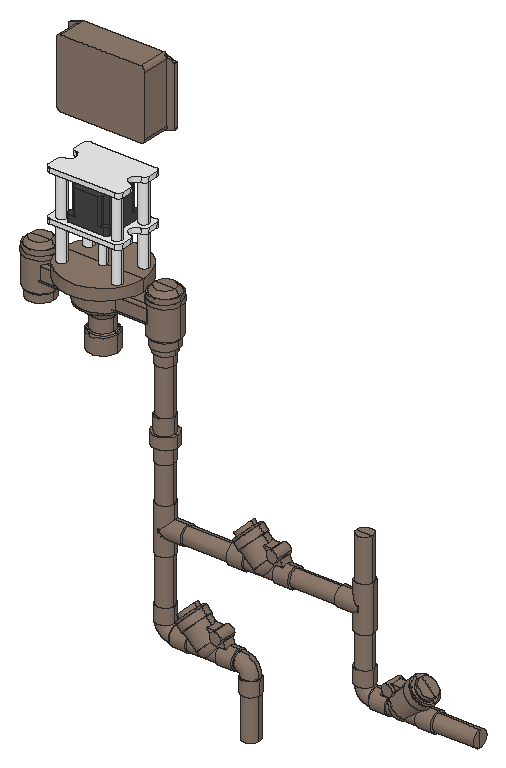
Revit family "Plumbing_Valves_Leonard-Valve_Proton-PNV-100-LF-R", category Pipe Accessories, Revit 2018
Family settings
  Round Connector Dimension = Use Diameter
  Part Type = Normal
  OmniClass Number = 23.65.55.14.24
  OmniClass Title = Mixing Valves for Liquid Services
  Work Plane-Based = Yes
  Always vertical = Yes
  Cut with Voids When Loaded = Yes
  Shared = No
Parameters (values of type "PNV-100-LF-R")
  Water Pressure Maximum = 125.0 psi  # constant formula
  URL = "http://www.leonardvalve.com"
  Product data url = "https://www.bimobject.com/leonardvalvecompany/product/pnv-100-lf-r"
  Product Page URL = "https://www.leonardvalve.com/products/lines/228/product/4867"
  Product Material = Bronze - Leonard Valve Company
  Product Guid = "60ded5b6-68ab-43fb-a748-16ac71f3d972"
  Piping Method = "Method W"  # constant formula
  Outlet Temperature Range = "65º - 180ºF"  # constant formula
  Outlet = 1"
  Offset = 0"
  Model = "PNV-100-LF-R"
  Mixed Water Outlet Flow [instance] = 0.0 GPM
  Minimum Flow Rate = 0.25 GPM  # constant formula
  Maximum Pressure Drop = 50.0 psi  # constant formula
  Maximum Flow Rate = 51.0 GPM  # constant formula
  Manufacturer = "Leonard Valve"  # constant formula
  Keynote = "15400"
  Inlet = 3/4"
  Hot Water Inlet Flow [instance] = 0.0 GPM
  Hot Inlet Temperature Range = "120º - 180ºF"  # constant formula
  Edition number = 1
  Description = "Proton-PNV-100-LF-R"
  Default Elevation = 48"
  Cold Water Inlet Flow [instance] = 0.0 GPM
  Cold Inlet Temperature Range = "39º - 80ºF"  # constant formula
  Assembly Code = "D2090800"
Reference planes (in)
  plane 1 "Center (Front/Back)": y = 0
  plane 2: z = 0
  plane 3 "Center (Left/Right)": x = 0
  plane 4: y = 0
Dimensions and locks (in)
  "Offset": plane 4 to plane 1 "Center (Front/Back)"
  aligned and locked: level to plane 2
  aligned and locked: plane 4 to nested 1
  aligned and locked: plane 3 "Center (Left/Right)" to nested 1
Nested families (in)
  nested 1: "Proton PNV-100-LF-R" at (0, -0.79779, 0), type "Proton PNV-100-LF-R"
Connectors (in)
  piping at (14.177, -2.20437, 12.13), diameter 0.75, driven by "Inlet", driven by "Cold Water Inlet Flow"
    settings: on nested 1, index 1, connector inside diameter 609.6 mm, connector length 0", flow factor 0, pipe flow 0.0 GPM, pressure drop 0.0 psi, fitting loss kfactor 0, connector angle 0.00°, fixture units 0, engagement length 0", angle of deflection 0.00°, flow configuration 0, flow direction 1, fitting loss method 0, system type 8, joint type 0, gender type 0, connector reference index -1, connector utility 0, adjustable connector no, is connector primary yes, connector description "Return Inlet"
  piping at (20.417, -2.20437, 4.34), diameter 0.75, driven by "Inlet", driven by "Cold Water Inlet Flow"
    settings: on nested 1, index 2, connector inside diameter 609.6 mm, connector length 0", flow factor 0, pipe flow 0.0 GPM, pressure drop 0.0 psi, fitting loss kfactor 0, connector angle 0.00°, fixture units 0, engagement length 0", angle of deflection 0.00°, flow configuration 0, flow direction 2, fitting loss method 0, system type 8, joint type 0, gender type 0, connector reference index -1, connector utility 0, adjustable connector no, is connector primary no, connector description "Return Outlet"
  piping at (8.015, -2.20437, 0), diameter 0.75, driven by "Inlet", driven by "Cold Water Inlet Flow"
    settings: on nested 1, index 3, connector inside diameter 609.6 mm, connector length 0", flow factor 0, pipe flow 0.0 GPM, pressure drop 0.0 psi, fitting loss kfactor 0, connector angle 0.00°, fixture units 0, engagement length 0", angle of deflection 0.00°, flow configuration 0, flow direction 1, fitting loss method 0, system type 20, joint type 0, gender type 0, connector reference index -1, connector utility 0, adjustable connector no, is connector primary no, connector description "Cold Water Inlet"
  piping at (0, -2.20092, 16.17121), diameter 1, driven by "Outlet", driven by "Mixed Water Outlet Flow"
    settings: on nested 1, index 4, connector inside diameter 609.6 mm, connector length 0", flow factor 0, pipe flow 0.0 GPM, pressure drop 0.0 psi, fitting loss kfactor 0, connector angle 0.00°, fixture units 0, engagement length 0", angle of deflection 0.00°, flow configuration 0, flow direction 2, fitting loss method 0, system type 7, joint type 0, gender type 0, connector reference index -1, connector utility 0, adjustable connector no, is connector primary no, connector description "Mixed Water Outlet"
  piping at (-3.375, -2.20437, 17.496), diameter 0.75, driven by "Inlet", driven by "Hot Water Inlet Flow"
    settings: on nested 1, index 5, connector inside diameter 609.6 mm, connector length 0", flow factor 0, pipe flow 0.0 GPM, pressure drop 0.0 psi, fitting loss kfactor 0, connector angle 0.00°, fixture units 0, engagement length 0", angle of deflection 0.00°, flow configuration 0, flow direction 1, fitting loss method 0, system type 19, joint type 0, gender type 0, connector reference index -1, connector utility 0, adjustable connector no, is connector primary no, connector description "Hot Water Inlet"
Definition of nested family "Proton PNV-100-LF-R"
  Parameters (values of type "Proton PNV-100-LF-R")
    Product Material = none
  Reference planes (in)
    plane 1 "Center (Front/Back)": y = 0
    plane 2: z = 0
    plane 3 "Center (Left/Right)": x = 0
    plane 4 "1": y = -1.40658
    plane 5: y = 0.79779
  Forms (in)
    Revolve 1, solid, material <- "Product Material", detail levels fine
      sketch origin (-5.38325, -1.40658, 2.38895) x (0, 0, 1) y (-1, 0, 0)
        loop
          line (9.74105, -19.56025) -> (2.49452, -19.56025) -> (2.49452, -20.0606) -> (3.29105, -20.0606) -> (3.29105, -20.00016) -> (5.04105, -20.00016) -> (5.04105, -20.0521) -> (7.49105, -20.0521) -> (7.49105, -19.99714) -> (9.74105, -19.99714) -> (9.74105, -19.56025)
        axis (9.74105, -19.56025) -> (2.49452, -19.56025)
      angle from 0 to 360
    Revolve 2, solid, material <- "Product Material", detail levels fine
      sketch origin (-4.8415, -1.40658, -0.97773) x (0, 0, 1) y (-1, 0, 0)
        loop
          line (9.62703, -8.22273) -> (9.62703, -19.0185) -> (10.12373, -19.0185) -> (10.12373, -17.7875) -> (10.07307, -17.7875) -> (10.07307, -15.2875) -> (10.16242, -15.2875) -> (10.16242, -14.445) -> (10.09386, -14.445) -> (10.09386, -12.79) -> (10.16328, -12.79) -> (10.16328, -11.9475) -> (10.07318, -11.9475) -> (10.07318, -9.4475) -> (10.12393, -9.4475) -> (10.12393, -8.22273) -> (9.62703, -8.22273)
        axis (9.62703, -8.22273) -> (9.62703, -19.0185)
      angle from 0 to 360
    Extrusion 3, solid, material <- "Product Material", detail levels fine
      sketch origin (0, 0, -0.23645) x (1, 0, 0) y (0, 0, 1)
        loop
          line (-2.4, 30.60495) -> (-2.4, 27.35495)
          arc (-2.4, 27.35495) -> (-2.32678, 27.17817) -> (-2.15, 27.10495) r 0.25
          line (-2.15, 27.10495) -> (2.15, 27.10495)
          arc (2.15, 27.10495) -> (2.32678, 27.17817) -> (2.4, 27.35495) r 0.25
          line (2.4, 27.35495) -> (2.4, 30.60495)
          arc (2.4, 30.60495) -> (2.32678, 30.78173) -> (2.15, 30.85495) r 0.25
          line (2.15, 30.85495) -> (-2.15, 30.85495)
          arc (-2.15, 30.85495) -> (-2.32678, 30.78173) -> (-2.4, 30.60495) r 0.25
      from 0 to 1.54
    Revolve 4, solid, material <- "Product Material", detail levels fine
      sketch origin (7.75, -1.40312, -4.44871) x (0, 0, -1) y (-1, 0, 0)
        loop
          line (-24.67928, 5.54921) -> (-24.06721, 5.54921) -> (-24.06721, 6.29151)
          arc (-24.06721, 6.29151) -> (-24.03306, 6.37396) -> (-23.95061, 6.40811) r 0.11659
          line (-23.95061, 6.40811) -> (-22.98394, 6.40811)
          arc (-22.98394, 6.40811) -> (-22.89349, 6.44557) -> (-22.85603, 6.53601) r 0.12791
          line (-22.85603, 6.53601) -> (-22.85603, 6.76175)
          arc (-22.85603, 6.76175) -> (-22.83869, 6.82645) -> (-22.79133, 6.87381) r 0.12939
          line (-22.79133, 6.87381) -> (-22.29693, 7.15926) -> (-21.59582, 7.15926)
          arc (-21.59582, 7.15926) -> (-21.5431, 7.13629) -> (-21.52403, 7.08204) r 0.07198
          line (-21.52403, 7.08204) -> (-21.52403, 7.015)
          arc (-21.52403, 7.015) -> (-21.50794, 6.97614) -> (-21.46908, 6.96005) r 0.05495
          line (-21.46908, 6.96005) -> (-20.61992, 6.96005) -> (-20.61992, 7.75) -> (-24.67928, 7.75) -> (-24.67928, 5.54921)
        axis (-24.67928, 7.75) -> (-20.61992, 7.75)
      angle from 0 to 360
    Extrusion 5, solid, detail levels fine
      sketch origin (8.25098, 0, 8.01255) x (1, 0, 0) y (0, 1, 0)
        loop
          line (-6.50098, 0) -> (-10.00098, 0)
          arc (-10.00098, 0) -> (-10.17776, -0.07322) -> (-10.25098, -0.25) r 0.25
          line (-10.25098, -0.25) -> (-10.25098, -0.78464)
          arc (-10.25098, -0.78464) -> (-10.18673, -0.95197) -> (-10.02698, -1.03328) r 0.25
          arc (-10.02698, -1.03328) -> (-9.69098, -1.40625) -> (-10.02698, -1.77922) r 0.375
          arc (-10.02698, -1.77922) -> (-10.18673, -1.86053) -> (-10.25098, -2.02786) r 0.25
          line (-10.25098, -2.02786) -> (-10.25098, -2.5625)
          arc (-10.25098, -2.5625) -> (-10.17776, -2.73928) -> (-10.00098, -2.8125) r 0.25
          line (-10.00098, -2.8125) -> (-6.50098, -2.8125)
          arc (-6.50098, -2.8125) -> (-6.32421, -2.73928) -> (-6.25098, -2.5625) r 0.25
          line (-6.25098, -2.5625) -> (-6.25098, -2.02786)
          arc (-6.25098, -2.02786) -> (-6.31524, -1.86053) -> (-6.47498, -1.77922) r 0.25
          arc (-6.47498, -1.77922) -> (-6.81098, -1.40625) -> (-6.47498, -1.03328) r 0.375
          arc (-6.47498, -1.03328) -> (-6.31524, -0.95197) -> (-6.25098, -0.78464) r 0.25
          line (-6.25098, -0.78464) -> (-6.25098, -0.25)
          arc (-6.25098, -0.25) -> (-6.32421, -0.07322) -> (-6.50098, 0) r 0.25
      from 16.60595 to 16.8424
    Extrusion 6, solid, detail levels fine
      sketch origin (8.00098, 0, 3.9375) x (1, 0, 0) y (0, 1, 0)
        loop
          line (-6.00098, -2.5625) -> (-6.00098, -2.02786)
          arc (-6.00098, -2.02786) -> (-6.06524, -1.86053) -> (-6.22498, -1.77922) r 0.25
          arc (-6.22498, -1.77922) -> (-6.56098, -1.40625) -> (-6.22498, -1.03328) r 0.375
          arc (-6.22498, -1.03328) -> (-6.06524, -0.95197) -> (-6.00098, -0.78464) r 0.25
          line (-6.00098, -0.78464) -> (-6.00098, -0.25)
          arc (-6.00098, -0.25) -> (-6.07421, -0.07322) -> (-6.25098, 0) r 0.25
          line (-6.25098, 0) -> (-9.75098, 0)
          arc (-9.75098, 0) -> (-9.92776, -0.07322) -> (-10.00098, -0.25) r 0.25
          line (-10.00098, -0.25) -> (-10.00098, -0.78464)
          arc (-10.00098, -0.78464) -> (-9.93673, -0.95197) -> (-9.77698, -1.03328) r 0.25
          arc (-9.77698, -1.03328) -> (-9.44098, -1.40625) -> (-9.77698, -1.77922) r 0.375
          arc (-9.77698, -1.77922) -> (-9.93673, -1.86053) -> (-10.00098, -2.02786) r 0.25
          line (-10.00098, -2.02786) -> (-10.00098, -2.5625)
          arc (-10.00098, -2.5625) -> (-9.92776, -2.73928) -> (-9.75098, -2.8125) r 0.25
          line (-9.75098, -2.8125) -> (-6.25098, -2.8125)
          arc (-6.25098, -2.8125) -> (-6.07421, -2.73928) -> (-6.00098, -2.5625) r 0.25
      from 18.181 to 18.431
    Extrusion 7, solid, detail levels fine
      sketch origin (7.62604, -3.75, 8.12042) x (1, 0, 0) y (0, 1, 0)
        loop
          circle (-9.12669, 3.25084) r 0.25
        loop
          circle (-6.12533, 3.24829) r 0.25
        loop
          circle (-9.12599, 1.43706) r 0.25
        loop
          circle (-6.12743, 1.43642) r 0.25
      from 12.11015 to 16.73453
    Extrusion 8, solid, detail levels fine
      sketch origin (7.75098, 0.71875, 22.3685) x (1, 0, 0) y (0, 1, 0)
        loop
          arc (-6.81, -3.235) -> (-6.68979, -3.18521) -> (-6.64, -3.065) r 0.17
          line (-6.64, -3.065) -> (-6.64, -1.185)
          arc (-6.64, -1.185) -> (-6.68979, -1.06479) -> (-6.81, -1.015) r 0.17
          line (-6.81, -1.015) -> (-8.69, -1.015)
          arc (-8.69, -1.015) -> (-8.81021, -1.06479) -> (-8.86, -1.185) r 0.17
          line (-8.86, -1.185) -> (-8.86, -3.065)
          arc (-8.86, -3.065) -> (-8.81021, -3.18521) -> (-8.69, -3.235) r 0.17
          line (-8.69, -3.235) -> (-6.81, -3.235)
      from 0 to 0.3937
    Extrusion 9, solid, detail levels fine
      sketch origin (7.75098, 0.71875, 22.3685) x (1, 0, 0) y (0, 1, 0)
        loop
          line (-8.37589, -3.235) -> (-7.12411, -3.235)
          arc (-7.12411, -3.235) -> (-7.04059, -3.20041) -> (-7.006, -3.11689) r 0.11811
          line (-7.006, -3.11689) -> (-7.006, -3.06585)
          arc (-7.006, -3.06585) -> (-6.94834, -2.92666) -> (-6.80915, -2.869) r 0.19685
          line (-6.80915, -2.869) -> (-6.75811, -2.869)
          arc (-6.75811, -2.869) -> (-6.67459, -2.83441) -> (-6.64, -2.75089) r 0.11811
          line (-6.64, -2.75089) -> (-6.64, -1.49911)
          arc (-6.64, -1.49911) -> (-6.67459, -1.41559) -> (-6.75811, -1.381) r 0.11811
          line (-6.75811, -1.381) -> (-6.80915, -1.381)
          arc (-6.80915, -1.381) -> (-6.94834, -1.32334) -> (-7.006, -1.18415) r 0.19685
          line (-7.006, -1.18415) -> (-7.006, -1.13311)
          arc (-7.006, -1.13311) -> (-7.04059, -1.04959) -> (-7.12411, -1.015) r 0.11811
          line (-7.12411, -1.015) -> (-8.37589, -1.015)
          arc (-8.37589, -1.015) -> (-8.45941, -1.04959) -> (-8.494, -1.13311) r 0.11811
          line (-8.494, -1.13311) -> (-8.494, -1.18415)
          arc (-8.494, -1.18415) -> (-8.55166, -1.32334) -> (-8.69085, -1.381) r 0.19685
          line (-8.69085, -1.381) -> (-8.74189, -1.381)
          arc (-8.74189, -1.381) -> (-8.82541, -1.41559) -> (-8.86, -1.49911) r 0.11811
          line (-8.86, -1.49911) -> (-8.86, -2.75089)
          arc (-8.86, -2.75089) -> (-8.82541, -2.83441) -> (-8.74189, -2.869) r 0.11811
          line (-8.74189, -2.869) -> (-8.69085, -2.869)
          arc (-8.69085, -2.869) -> (-8.55166, -2.92666) -> (-8.494, -3.06585) r 0.19685
          line (-8.494, -3.06585) -> (-8.494, -3.11689)
          arc (-8.494, -3.11689) -> (-8.45941, -3.20041) -> (-8.37589, -3.235) r 0.11811
      from 0.3937 to 1.78
    Revolve 10, solid, material <- "Product Material", detail levels fine
      sketch origin (11.96035, -1.40658, 0.20552) x (-1, 0, 0) y (0, 0, 1)
        loop
          line (3.94535, 2.79448) -> (3.44759, 2.79448) -> (3.44759, 2.04448) -> (3.50394, 2.04448) -> (3.50394, -0.20552) -> (3.94535, -0.20552) -> (3.94535, 2.79448)
        axis (3.94535, 2.79448) -> (3.94535, -0.20552)
      angle from 0 to 360
    Revolve 11, solid, material <- "Product Material", detail levels fine
      sketch origin (-0.11, -1.40658, -2.06671) x (0, 0, 1) y (-1, 0, 0)
        loop
          line (5.65671, -7.475) -> (5.65671, -4.135) -> (5.12644, -4.135) -> (5.12644, -4.9775) -> (5.17403, -4.9775) -> (5.17403, -6.6325) -> (5.12644, -6.6325) -> (5.12644, -7.475) -> (5.65671, -7.475)
        axis (5.65671, -4.135) -> (5.65671, -7.475)
      angle from 0 to 360
    Revolve 12, solid, material <- "Product Material", detail levels fine
      sketch origin (0, -1.40658, 0) x (0, 0, 1) y (-1, 0, 0)
        loop
          line (4.34, -20.417) -> (4.34, -14.827) -> (3.80952, -14.827) -> (3.80952, -15.6695) -> (3.85732, -15.6695) -> (3.85732, -17.3245) -> (3.80982, -17.3245) -> (3.80982, -18.167) -> (3.89966, -18.167) -> (3.89966, -20.417) -> (4.34, -20.417)
        axis (4.34, -14.827) -> (4.34, -20.417)
      angle from 0 to 360
    Revolve 13, solid, material <- "Product Material", detail levels fine
      sketch origin (-14.21965, -1.40658, 7.42927) x (-1, 0, 0) y (0, 0, 1)
        loop
          line (-10.84465, 10.06673) -> (-10.13465, 10.06673) -> (-10.13465, 10.48432)
          arc (-10.13465, 10.48432) -> (-10.10074, 10.56637) -> (-10.01879, 10.60054) r 0.11623
          line (-10.01879, 10.60054) -> (-10.01879, 12.21351) -> (-9.9796, 12.21351) -> (-9.9796, 12.41452) -> (-10.02465, 12.41452) -> (-10.02465, 12.66543) -> (-10.09436, 12.66543) -> (-10.30378, 12.91543) -> (-10.84465, 12.91543) -> (-10.84465, 10.06673)
        axis (-10.84465, 12.91543) -> (-10.84465, 10.06673)
      angle from 0 to 360
    Revolve 14, solid, material <- "Product Material", detail levels fine
      sketch origin (-7.46965, -1.40658, 7.33552) x (-1, 0, 0) y (0, 0, 1)
        loop
          line (-10.84465, -3.20655) -> (-10.3464, -3.20655) -> (-10.3464, -2.40552) -> (-10.40417, -2.40552) -> (-10.40417, 0.09448) -> (-10.35365, 0.09448) -> (-10.35365, 2.54448) -> (-10.40742, 2.54448) -> (-10.40742, 4.54448) -> (-10.35856, 4.54448) -> (-10.35856, 5.37027) -> (-10.16967, 5.37027) -> (-10.16967, 5.96027) -> (-10.3373, 5.96027) -> (-10.3373, 6.78448) -> (-10.4063, 6.78448) -> (-10.4063, 9.28448) -> (-10.35908, 9.28448) -> (-10.35908, 9.84248) -> (-10.27942, 9.84248) -> (-10.27942, 10.16048) -> (-10.13473, 10.16048) -> (-10.13473, 10.57211)
          arc (-10.13473, 10.57211) -> (-10.10117, 10.65661) -> (-10.01879, 10.69507) r 0.12317
          line (-10.01879, 10.69507) -> (-10.01879, 12.30456) -> (-9.9796, 12.30456) -> (-9.9796, 12.50557) -> (-10.02465, 12.50557) -> (-10.02465, 12.75648) -> (-10.09436, 12.75648) -> (-10.30378, 13.00648) -> (-10.84465, 13.00648) -> (-10.84465, -3.20655)
        axis (-10.84465, 13.00648) -> (-10.84465, -3.20655)
      angle from 0 to 360
    Extrusion 15, solid, material <- "Product Material", detail levels fine
      sketch origin (0, 0, 0) x (0, 1, 0) y (0, 0, 1)
        loop
          line (-0.74975, 18.64988) -> (-0.74975, 19.335)
          arc (-0.74975, 19.335) -> (-0.78812, 19.42763) -> (-0.88075, 19.466) r 0.131
          line (-0.88075, 19.466) -> (-1.93637, 19.466)
          arc (-1.93637, 19.466) -> (-2.02573, 19.42898) -> (-2.06275, 19.33962) r 0.12638
          line (-2.06275, 19.33962) -> (-2.06275, 18.6474)
          arc (-2.06275, 18.6474) -> (-2.02426, 18.55449) -> (-1.93135, 18.516) r 0.1314
          line (-1.93135, 18.516) -> (-0.88363, 18.516)
          arc (-0.88363, 18.516) -> (-0.78896, 18.55521) -> (-0.74975, 18.64988) r 0.13388
      from -2.98981 to 2.9058
    Revolve 16, solid, material <- "Product Material", detail levels fine
      sketch origin (-2.30369, -1.40658, -6.71264) x (0, 0, 1) y (-1, 0, 0)
        loop
          line (11.8106, -6.86573) -> (10.19708, -8.47925) -> (10.34008, -8.62224)
          arc (10.34008, -8.62224) -> (10.69363, -8.76868) -> (11.04718, -8.62224) r 0.5
          line (11.04718, -8.62224) -> (11.77681, -7.89261) -> (11.81042, -7.92622) -> (12.09765, -7.63899)
          arc (12.09765, -7.63899) -> (12.10672, -7.6169) -> (12.09738, -7.59493) r 0.03097
          arc (12.09738, -7.59493) -> (12.14176, -7.59497) -> (12.1419, -7.55059) r 0.03142
          line (12.1419, -7.55059) -> (12.02916, -7.43785)
          arc (12.02916, -7.43785) -> (12.01946, -7.41441) -> (12.02916, -7.39097) r 0.03315
          line (12.02916, -7.39097) -> (12.1825, -7.23763) -> (11.8106, -6.86573)
        axis (10.19708, -8.47925) -> (11.8106, -6.86573)
      angle from 0 to 360
    Extrusion 17, solid, material <- "Product Material", detail levels fine
      sketch origin (-3.88115, 0.71875, -2.84426) x (-1, 0, 0) y (0, 0, -1)
        loop
          line (-10.24359, -7.6046) -> (-9.66655, -7.6046) -> (-10.02737, -7.24378)
          arc (-10.02737, -7.24378) -> (-10.06391, -7.46707) -> (-10.24359, -7.6046) r 0.30681
        loop
          line (-10.40365, -6.80189) -> (-10.40365, -6.86233) -> (-10.78664, -6.86233) -> (-10.63002, -7.33167)
          arc (-10.63002, -7.33167) -> (-10.515, -7.06774) -> (-10.23191, -7.01533) r 0.30681
          arc (-10.23191, -7.01533) -> (-10.28631, -6.91312) -> (-10.31841, -6.80189) r 0.55728
          line (-10.31841, -6.80189) -> (-10.40365, -6.80189)
      from 1.8125 to 2.4375
    Extrusion 18, solid, material <- "Product Material", detail levels fine
      sketch origin (-4.19253, 0.71875, -8.03354) x (-1, 0, 0) y (0, 0, -1)
        loop
          circle (-10.6355, -12.49723) r 0.30681
      from 1.66875 to 2.58125
    Sweep 19, solid, material <- "Product Material", detail levels fine
      path origin (-8.75811, -1.40658, -0.37395) x (0, 0, 1) y (-1, 0, 0)
        loop
          line (3.97675, -12.78311) -> (3.97675, -12.68957)
          arc (3.97675, -12.68957) -> (4.13745, -12.30162) -> (4.5254, -12.14092) r 0.54865
      profile origin (3.97823, -1.40658, 3.60281) x (0, 0, -1) y (0, -1, 0)
        loop
          circle (0, 0) r 0.45313
    Sweep 20, solid, material <- "Product Material", detail levels fine
      path origin (20.14811, -1.40658, 7.55894) x (0, 0, -1) y (1, 0, 0)
        loop
          line (3.97675, -12.78311) -> (3.97675, -12.68957)
          arc (3.97675, -12.68957) -> (4.13745, -12.30162) -> (4.5254, -12.14092) r 0.54865
          line (4.5254, -12.14092) -> (4.55894, -12.14092)
      profile origin (7.41177, -1.40658, 3.58219) x (0, 0, 1) y (0, -1, 0)
        loop
          circle (0, 0) r 0.45313
    Sweep 21, solid, material <- "Product Material", detail levels fine
      path origin (2.04389, -1.40658, 0.37118) x (0, 0, 1) y (-1, 0, 0)
        loop
          line (3.97675, -12.78311) -> (3.97675, -12.68957)
          arc (3.97675, -12.68957) -> (4.13745, -12.30162) -> (4.5254, -12.14092) r 0.54865
          line (4.5254, -12.14092) -> (4.55894, -12.14092)
      profile origin (14.78023, -1.40658, 4.34793) x (0, 0, -1) y (0, -1, 0)
        loop
          circle (0, 0) r 0.45313
    Revolve 22, solid, material <- "Product Material", detail levels fine
      sketch origin (0.77675, -1.40658, -1.6482) x (0, 0, 1) y (-1, 0, 0)
        loop
          line (11.8106, -6.86573) -> (10.19708, -8.47925) -> (10.34008, -8.62224)
          arc (10.34008, -8.62224) -> (10.69363, -8.76868) -> (11.04718, -8.62224) r 0.5
          line (11.04718, -8.62224) -> (11.77681, -7.89261) -> (11.81042, -7.92622) -> (12.09765, -7.63899)
          arc (12.09765, -7.63899) -> (12.10672, -7.6169) -> (12.09738, -7.59493) r 0.03097
          arc (12.09738, -7.59493) -> (12.14176, -7.59497) -> (12.1419, -7.55059) r 0.03142
          line (12.1419, -7.55059) -> (12.02938, -7.43806)
          arc (12.02938, -7.43806) -> (12.019, -7.41301) -> (12.02938, -7.38797) r 0.03542
          line (12.02938, -7.38797) -> (12.1811, -7.23624) -> (11.8106, -6.86573)
        axis (10.19708, -8.47925) -> (11.8106, -6.86573)
      angle from 0 to 360
    Extrusion 23, solid, material <- "Product Material", detail levels fine
      sketch origin (-0.8007, 0.71875, 2.22018) x (-1, 0, 0) y (0, 0, -1)
        loop
          line (-10.24359, -7.6046) -> (-9.66655, -7.6046) -> (-10.02737, -7.24378)
          arc (-10.02737, -7.24378) -> (-10.06391, -7.46707) -> (-10.24359, -7.6046) r 0.30681
        loop
          line (-10.40365, -6.80189) -> (-10.40365, -6.86233) -> (-10.78664, -6.86233) -> (-10.63002, -7.33167)
          arc (-10.63002, -7.33167) -> (-10.515, -7.06774) -> (-10.23191, -7.01533) r 0.30681
          arc (-10.23191, -7.01533) -> (-10.28631, -6.91312) -> (-10.31841, -6.80189) r 0.55728
          line (-10.31841, -6.80189) -> (-10.40365, -6.80189)
      from 1.8125 to 2.4375
    Extrusion 24, solid, material <- "Product Material", detail levels fine
      sketch origin (-1.11208, 0.71875, -2.96909) x (-1, 0, 0) y (0, 0, -1)
        loop
          circle (-10.6355, -12.49723) r 0.30681
      from 1.66875 to 2.58125
    Revolve 25, solid, material <- "Product Material", detail levels fine
      sketch origin (24.49569, -1.40658, -5.96264) x (0, 0, 1) y (-1, 0, 0)
        loop
          line (11.8106, 6.86573) -> (12.1825, 7.23763) -> (12.03077, 7.38936)
          arc (12.03077, 7.38936) -> (12.0204, 7.41441) -> (12.03077, 7.43946) r 0.03542
          line (12.03077, 7.43946) -> (12.1419, 7.55059)
          arc (12.1419, 7.55059) -> (12.14176, 7.59497) -> (12.09738, 7.59493) r 0.03142
          arc (12.09738, 7.59493) -> (12.10672, 7.6169) -> (12.09765, 7.63899) r 0.03097
          line (12.09765, 7.63899) -> (11.81042, 7.92622) -> (11.77681, 7.89261) -> (10.98385, 8.68557)
          arc (10.98385, 8.68557) -> (10.63029, 8.83202) -> (10.27674, 8.68557) r 0.5
          line (10.27674, 8.68557) -> (10.13375, 8.54258) -> (11.8106, 6.86573)
        axis (10.13375, 8.54258) -> (11.8106, 6.86573)
      angle from 0 to 360
    Extrusion 26, solid, material <- "Product Material", detail levels fine
      sketch origin (26.07315, 0.71875, -2.09426) x (1, 0, 0) y (0, 0, 1)
        loop
          arc (-10.24359, 7.6046) -> (-10.06391, 7.46707) -> (-10.02737, 7.24378) r 0.30681
          line (-10.02737, 7.24378) -> (-9.66655, 7.6046) -> (-10.24359, 7.6046)
        loop
          line (-10.40365, 6.80189) -> (-10.31841, 6.80189)
          arc (-10.31841, 6.80189) -> (-10.28631, 6.91312) -> (-10.23191, 7.01533) r 0.55728
          arc (-10.23191, 7.01533) -> (-10.515, 7.06774) -> (-10.63002, 7.33167) r 0.30681
          line (-10.63002, 7.33167) -> (-10.78664, 6.86233) -> (-10.40365, 6.86233) -> (-10.40365, 6.80189)
      from 1.8125 to 2.4375
    Extrusion 27, solid, material <- "Product Material", detail levels fine
      sketch origin (26.38453, 0.71875, -7.28354) x (1, 0, 0) y (0, 0, 1)
        loop
          circle (-10.6355, 12.49723) r 0.30681
      from 1.66875 to 2.58125
    Revolve 28, solid, detail levels fine
      sketch origin (0, -1.40658, -0.75) x (0, 0, 1) y (-1, 0, 0)
        loop
          line (20.98057, 0) -> (20.98057, -0.18945) -> (22.8685, -0.18945) -> (22.8685, 0) -> (20.98057, 0)
        axis (22.8685, 0) -> (20.98057, 0)
      angle from 0 to 360
    Extrusion 29, solid, material <- "Product Material", detail levels fine
      sketch origin (0, -1.40658, -0.75) x (0, 0, 1) y (-1, 0, 0)
        loop
          line (31.07394, 2.875) -> (27.91306, 2.875)
          arc (27.91306, 2.875) -> (27.87678, 2.86339) -> (27.85397, 2.83287) r 0.0625
          line (27.85397, 2.83287) -> (27.67163, 2.30409)
          arc (27.67163, 2.30409) -> (27.75901, 2.37475) -> (27.8685, 2.4) r 0.25
          line (27.8685, 2.4) -> (31.1185, 2.4)
          arc (31.1185, 2.4) -> (31.22799, 2.37475) -> (31.31537, 2.30409) r 0.25
          line (31.31537, 2.30409) -> (31.13303, 2.83287)
          arc (31.13303, 2.83287) -> (31.11022, 2.86339) -> (31.07394, 2.875) r 0.0625
        loop
          line (31.13303, -2.83287) -> (31.31537, -2.30409)
          arc (31.31537, -2.30409) -> (31.22799, -2.37475) -> (31.1185, -2.4) r 0.25
          line (31.1185, -2.4) -> (27.8685, -2.4)
          arc (27.8685, -2.4) -> (27.75901, -2.37475) -> (27.67163, -2.30409) r 0.25
          line (27.67163, -2.30409) -> (27.85397, -2.83287)
          arc (27.85397, -2.83287) -> (27.87678, -2.86339) -> (27.91306, -2.875) r 0.0625
          line (27.91306, -2.875) -> (31.07394, -2.875)
          arc (31.07394, -2.875) -> (31.11022, -2.86339) -> (31.13303, -2.83287) r 0.0625
      from -1.40658 to -1.28736
  Cuts and joins
    joined: Extrusion 8, Extrusion 9
    joined: Revolve 10, Revolve 11, Revolve 14, Sweep 19, Sweep 20
    joined: Extrusion 5, Extrusion 6, Extrusion 7
  Lines and regions (in)
    Masking region 1
      outline origin (0, 0, 0) x (1, 0, 0) y (0, 1, 0)
        loop
          circle (0, -1.40312) r 2.20079
    model lines, detail levels coarse+medium
      curve 1: line (3.375, -1.40658, 18.94965) -> (3.375, -1.40658, 4.19029)
      curve 2: line (7.58686, -1.40658, 3.60281) -> (3.96248, -1.40658, 3.60281)
      curve 3: line (8.125, -1.40658, 3.06467) -> (8.125, -1.40658, 0)
      curve 4: line (3.375, -1.40658, 8.6493) -> (14.177, -1.40658, 8.6493)
      curve 5: line (14.177, -1.40658, 12.13) -> (14.177, -1.40658, 4.84)
      curve 6: line (20.417, -1.40658, 4.34) -> (14.677, -1.40658, 4.34)
      curve 7: arc (3.375, -1.40658, 4.19029) -> (3.54707, -1.40658, 3.77488) -> (3.96248, -1.40658, 3.60281) r 0.58748
      curve 8: arc (7.58686, -1.40658, 3.60281) -> (7.96738, -1.40658, 3.44519) -> (8.125, -1.40658, 3.06467) r 0.53814
      curve 9: line (-3.375, -1.40658, 18.94965) -> (-3.375, -1.40658, 17.32495)
      curve 10: arc (14.177, -1.40658, 4.84) -> (14.32345, -1.40658, 4.48645) -> (14.677, -1.40658, 4.34) r 0.5
      curve 11: line (1.41, -1.40658, 18.41965) -> (-1.41, -1.40658, 19.47965)
      curve 12: line (-1.41, -1.40658, 18.41965) -> (1.41, -1.40658, 19.47965)
      curve 13: line (-1.41, -1.40658, 19.47965) -> (-1.41, -1.40658, 18.41965)
      curve 14: line (1.41, -1.40658, 19.47965) -> (1.41, -1.40658, 18.41965)
      curve 15: line (1.41, -1.40658, 18.94965) -> (3.375, -1.40658, 18.94965)
      curve 16: line (-1.41, -1.40658, 18.94965) -> (-3.375, -1.40658, 18.94965)
      curve 17: circle (0, -1.40658, 20.19965) r 0.5 normal (0, -1, 0)
      curve 18: line (0, -1.40658, 19.69965) -> (0, -1.40658, 16.51882)
      curve 19: line (0, -1.40658, 16.12171) -> (-0.17681, -1.40658, 16.51882)
      curve 20: line (-0.17681, -1.40658, 16.51882) -> (0.17681, -1.40658, 16.51882)
      curve 21: line (0.17681, -1.40658, 16.51882) -> (0, -1.40658, 16.12171)
      curve 28: line (17.72354, -1.40658, 3.82915) -> (17.72354, -1.40658, 4.82915)
      curve 29: line (13.69553, -1.40658, 5.3279) -> (14.63905, -1.40658, 5.3279)
      curve 30: line (15.22354, -1.40658, 3.82915) -> (15.22354, -1.40658, 4.82915)
      curve 31: line (13.69553, -1.40658, 7.8279) -> (14.63905, -1.40658, 7.8279)
      curve 32: line (13.69553, -1.40658, 9.47748) -> (14.63905, -1.40658, 9.47748)
      curve 33: line (13.30009, -1.40658, 8.1493) -> (13.30009, -1.40658, 9.1493)
      curve 34: line (10.05009, -1.40658, 8.1493) -> (10.05009, -1.40658, 9.1493)
      curve 35: line (7.43598, -1.40658, 8.1493) -> (7.43598, -1.40658, 9.1493)
      curve 36: line (6.99044, -1.40658, 3.10281) -> (6.99044, -1.40658, 4.10281)
      curve 37: line (4.41109, -1.40658, 3.10281) -> (4.41109, -1.40658, 4.10281)
      curve 38: line (2.90324, -1.40658, 4.44823) -> (3.84676, -1.40658, 4.44823)
      curve 39: line (7.65324, -1.40658, 2.6541) -> (8.59676, -1.40658, 2.6541)
      curve 40: line (2.90324, -1.40658, 7.8279) -> (3.84676, -1.40658, 7.8279)
      curve 41: line (2.90324, -1.40658, 9.47748) -> (3.84676, -1.40658, 9.47748)
      curve 42: line (4.24848, -1.40658, 8.1493) -> (4.24848, -1.40658, 9.1493)
      curve 43: line (7.64249, -1.40658, 10.1624) -> (9.15559, -1.40658, 8.6493)
      curve 44: line (8.01299, -1.40658, 10.53291) -> (7.27198, -1.40658, 9.7919)
      curve 45: line (4.56204, -1.40658, 5.09796) -> (6.05719, -1.40658, 3.60281)
      curve 46: line (4.19014, -1.40658, 4.72606) -> (4.93394, -1.40658, 5.46986)
      curve 47: line (17.62996, -1.40658, 5.84796) -> (16.122, -1.40658, 4.34)
      curve 48: line (17.25806, -1.40658, 6.21986) -> (18.00186, -1.40658, 5.47606)
    symbolic lines, detail levels coarse+medium
      curve 22: line (-3.375, -1.40658, 0) -> (-2.20079, -1.40658, 0)
      curve 23: line (2.20079, -1.40312, 0) -> (19.09595, -1.40312, 0)
      curve 24: line (17.75524, -0.86391, 0) -> (17.75524, -1.9262, 0)
      curve 25: line (15.50524, -0.86391, 0) -> (15.50524, -1.9262, 0)
      curve 26: line (9.75524, -0.86391, 0) -> (9.75524, -1.9262, 0)
      curve 27: line (7.21616, -0.86391, 0) -> (7.21616, -1.9262, 0)
  Dimensions and locks (in)
    locked: plane 1 "Center (Front/Back)" to plane 5 at 0.79779
    aligned and locked: level to plane 2
